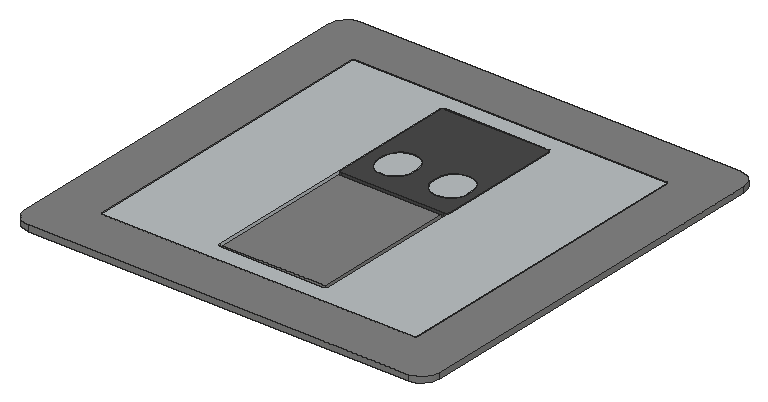
Revit family "Flush-Valve-Commercial_TET3LN_TOTO", category Plumbing Fixtures, host Face, Revit 2013
Parameters (values of type "TET3LN31")
  ecoScorecard_data = " "
  ecoScorecard Product Page = "  "
  Width = 0' - 4 3/4"  # constant formula
  Waste Connection NPT Radius = 0' - 1"  # constant formula
  Waste Connection = yes
  Warranty URL = "http://www.totousa.com/warranty-registration"
  Warranty = "Three Year Warranty"  # constant formula
  WFU = 0
  Vent Connection = yes
  URL = "http://www.totousa.com"
  Toto BIM Number = "BM-00257"  # constant formula
  Subcategory = "Flush Valves"  # constant formula
  Style = "Commercial"  # constant formula
  Spec Sheet URL = "http://assets.totousa.com/product-files/SS-00092_TET3LN.pdf"
  Shipping Weight = 0.00 lbf
  Sensor Detection Time = "Factory setting at six (6) seconds minimum"  # constant formula
  Sensor Detection Range = "Self-adjusting to environment"  # constant formula
  Product Page URL = " "
  Plumbing Fixture Type = "Flushometer Valve"  # constant formula
  Parts Manual URL = " "
  Owners Manual URL = "  "
  Mount Type = "Concealed"  # constant formula
  Model = "TET3LN31"
  Method of Operation = "Automatic Flush"  # constant formula
  Material = "Bronze casting"  # constant formula
  Manufacturer Phone - Toll Free = "1-888-295-8134"  # constant formula
  Manufacturer Phone = "(770) 282-8686 "  # constant formula
  Manufacturer Fax = "(770) 282-0002"  # constant formula
  Manufacturer Email = "mailto:custservice@totousa.com "
  Manufacturer Address = "1155 Southern Road, Morrow, Georgia 30260"  # constant formula
  Manufacturer = "TOTO USA, Inc."  # constant formula
  Installation URL = " "
  Industry Standards = "Meets and exceeds ASME A112.19.2/CSA B45.1"  # constant formula
  Height = 0' - 4 3/4"  # constant formula
  HWFU = 0
  HW Connection = no
  Gallons Per Flush = 1.28 gal
  Finish = Metal - TOTO - Stainless Steel
  Description = "Sensor Toilet Flush Valve, Concealed 4 x 4\" (Back Spud Wall) - 1.28 GPF\""
  Depth = 0' - 6 1/2"  # constant formula
  Default Elevation = 1' - 11.37402"
  Cost Info = "mailto:custservice@totousa.com "
  Color Availability = "#SS Stainless Steel"  # constant formula
  Cold Water Connection NPT Radius = 0' - 0 1/2"  # constant formula
  Code Compliance = "UPC, IPC, NSPC, NPC Canada, and others"  # constant formula
  Certifications = "IAPMO(cUPC), State of Massachusetts, City of Los Angeles"  # constant formula
  CWFU = 0
  CW Connection = yes
  CAD Drawing URL = "http://assets.totousa.com/product-files/AD-00365_TET3_GN_LN_TEU3_GN_LN_UN.dxf"
  Assembly Code = "D2010210"
  ADA Compliant = yes
  95 CSI = "15410"  # constant formula
  04 CSI = "22 42 13"  # constant formula
Types (4): name | Model | Description
  (no name) | "TET3LN31" | "Sensor Toilet Flush Valve, Concealed 4 x 4\" (Back Spud Wall) - 1.28 GPF\""
  TET3LN31 | "TET3LN31" | "Sensor Toilet Flush Valve, Concealed 4 x 4\" (Back Spud Wall) - 1.28 GPF\""
  TET3LN32 | "TET3LN32" | "Sensor Toilet Flush Valve, Concealed 4 x 4\" (Top Spud) - 1.28 GPF\""
  TET3LN33 | "TET3LN33" | "Sensor Toilet Flush Valve, Concealed 4 x 4\" (Back Spud Floor) - 1.28 GPF\""
Reference planes (in)
  plane 1 "Center (Front/Back)": y = 0
  plane 2: z = 0
  plane 3 "Center (Left/Right)": x = 0
  plane 4: x = -2.375
  plane 5: x = 2.375
  plane 6: y = -2.375
  plane 7: y = 2.375
Forms (in)
  Extrusion 1, solid, material "Metal - TOTO - Stainless Steel" <- "Finish"
    sketch origin (0, -20.28136, 3) x (0, 1, 0) y (-1, 0, 0)
      loop
        arc (22.45971, -2.375) -> (22.59876, -2.3174) -> (22.65636, -2.17835) r 0.19665
        line (22.65636, -2.17835) -> (22.65636, 2.17835)
        arc (22.65636, 2.17835) -> (22.59876, 2.3174) -> (22.45971, 2.375) r 0.19665
        line (22.45971, 2.375) -> (18.10301, 2.375)
        arc (18.10301, 2.375) -> (17.96396, 2.3174) -> (17.90636, 2.17835) r 0.19665
        line (17.90636, 2.17835) -> (17.90636, -2.17835)
        arc (17.90636, -2.17835) -> (17.96396, -2.3174) -> (18.10301, -2.375) r 0.19665
        line (18.10301, -2.375) -> (22.45971, -2.375)
      loop
        arc (22.08663, 1.7856) -> (22.08087, 1.79951) -> (22.06696, 1.80527) r 0.01967
        line (22.06696, 1.80527) -> (18.49576, 1.80527)
        arc (18.49576, 1.80527) -> (18.48186, 1.79951) -> (18.4761, 1.7856) r 0.01967
        line (18.4761, 1.7856) -> (18.4761, -1.7856)
        arc (18.4761, -1.7856) -> (18.48186, -1.79951) -> (18.49576, -1.80527) r 0.01967
        line (18.49576, -1.80527) -> (22.06696, -1.80527)
        arc (22.06696, -1.80527) -> (22.08087, -1.79951) -> (22.08663, -1.7856) r 0.01967
        line (22.08663, -1.7856) -> (22.08663, 1.7856)
      loop
        line (18.70815, 0.58996) -> (18.70815, -0.58996) -> (20.36002, -0.58996) -> (20.36002, 0.58996) -> (18.70815, 0.58996)
    from -3 to -2.9375
  Extrusion 2, solid, material "Zinc"
    sketch origin (0, -20.28136, 3) x (0, 1, 0) y (-1, 0, 0)
      loop
        line (22.06696, 1.80527) -> (18.49576, 1.80527)
        arc (18.49576, 1.80527) -> (18.48186, 1.79951) -> (18.4761, 1.7856) r 0.01967
        line (18.4761, 1.7856) -> (18.4761, -1.7856)
        arc (18.4761, -1.7856) -> (18.48186, -1.79951) -> (18.49576, -1.80527) r 0.01967
        line (18.49576, -1.80527) -> (22.06696, -1.80527)
        arc (22.06696, -1.80527) -> (22.08087, -1.79951) -> (22.08663, -1.7856) r 0.01967
        line (22.08663, -1.7856) -> (22.08663, 1.7856)
        arc (22.08663, 1.7856) -> (22.08087, 1.79951) -> (22.06696, 1.80527) r 0.01967
      loop
        arc (21.89391, 0.58996) -> (21.88239, 0.61777) -> (21.85458, 0.62929) r 0.03933
        line (21.85458, 0.62929) -> (18.70815, 0.62929)
        arc (18.70815, 0.62929) -> (18.68033, 0.61777) -> (18.66881, 0.58996) r 0.03933
        line (18.66881, 0.58996) -> (18.66881, -0.58996)
        arc (18.66881, -0.58996) -> (18.68033, -0.61777) -> (18.70815, -0.62929) r 0.03933
        line (18.70815, -0.62929) -> (21.85458, -0.62929)
        arc (21.85458, -0.62929) -> (21.88239, -0.61777) -> (21.89391, -0.58996) r 0.03933
        line (21.89391, -0.58996) -> (21.89391, 0.58996)
    from -3 to -2.9375
  Extrusion 3, solid, material "Low Gloss - Black"
    sketch origin (0, -20.28136, 3) x (0, 1, 0) y (-1, 0, 0)
      loop
        arc (20.43868, 0.62535) -> (20.41087, 0.61383) -> (20.39935, 0.58602) r 0.03933
        line (20.39935, 0.58602) -> (20.39935, -0.58602)
        arc (20.39935, -0.58602) -> (20.41087, -0.61383) -> (20.43868, -0.62535) r 0.03933
        line (20.43868, -0.62535) -> (21.84671, -0.62535)
        arc (21.84671, -0.62535) -> (21.87452, -0.61383) -> (21.88604, -0.58602) r 0.03933
        line (21.88604, -0.58602) -> (21.88604, 0.58602)
        arc (21.88604, 0.58602) -> (21.87452, 0.61383) -> (21.84671, 0.62535) r 0.03933
        line (21.84671, 0.62535) -> (20.43868, 0.62535)
      loop
        arc (20.87132, 0.09833) -> (21.06797, 0.29498) -> (20.87132, 0.49163) r 0.19665
        line (20.87132, 0.49163) -> (20.81232, 0.49163)
        arc (20.81232, 0.49163) -> (20.61567, 0.29498) -> (20.81232, 0.09833) r 0.19665
        line (20.81232, 0.09833) -> (20.87132, 0.09833)
      loop
        arc (20.87132, -0.53096) -> (21.06797, -0.33431) -> (20.87132, -0.13766) r 0.19665
        line (20.87132, -0.13766) -> (20.81232, -0.13766)
        arc (20.81232, -0.13766) -> (20.61567, -0.33431) -> (20.81232, -0.53096) r 0.19665
        line (20.81232, -0.53096) -> (20.87132, -0.53096)
    from -3 to -2.9375
  Extrusion 4, solid, material "Zinc"
    sketch origin (0, -20.28136, 3) x (0, 1, 0) y (-1, 0, 0)
      loop
        arc (20.81232, 0.49163) -> (20.61567, 0.29498) -> (20.81232, 0.09833) r 0.19665
        line (20.81232, 0.09833) -> (20.87132, 0.09833)
        arc (20.87132, 0.09833) -> (21.06797, 0.29498) -> (20.87132, 0.49163) r 0.19665
        line (20.87132, 0.49163) -> (20.81232, 0.49163)
      loop
        arc (20.81232, -0.13766) -> (20.61567, -0.33431) -> (20.81232, -0.53096) r 0.19665
        line (20.81232, -0.53096) -> (20.87132, -0.53096)
        arc (20.87132, -0.53096) -> (21.06797, -0.33431) -> (20.87132, -0.13766) r 0.19665
        line (20.87132, -0.13766) -> (20.81232, -0.13766)
    from -3 to -2.9375
Lines and regions (in)
  model lines
    curve 1: circle (-0.29498, 0.56046, 0.0625) r 0.15205 normal (0, 0, 1)
Dimensions and locks (in)
  Extrusion 4 to plane 3 "Center (Left/Right)" = 0' - 0.09833"
  aligned and locked: plane 2 to host face
  aligned and locked: level to host face
  aligned and locked: Extrusion 2 to plane 2
